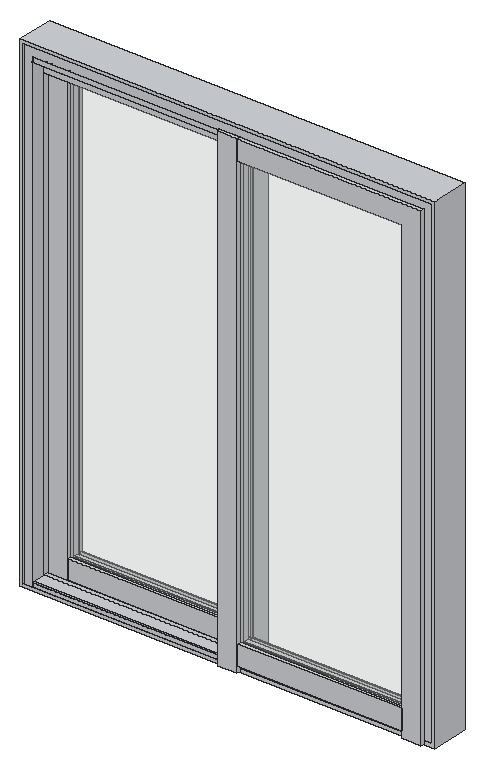
Revit family "Heve skyvedør Alu", category Doors, host Wall, Revit 2017
Family settings
  Host = Wall
  OmniClass Number = 23.30.10.00
  OmniClass Title = Doors
  Always vertical = Yes
  Cut with Voids When Loaded = No
  Shared = No
  Room Calculation Point = Yes
Parameters
  Vertical mullion [instance] = or(Type 2, Type 3, Type 4, Type 5)  # no
  Type 7 [instance] = no
  Type 6 [instance] = no
  Type 5 [instance] = no
  Type 4 [instance] = no
  Type 3 [instance] = no
  Type 2 [instance] = no
  Type 1 [instance] = yes
  Top mullion placement [instance] = 550 mm
  Top horizontal mullion [instance] = or(Type 4, Type 5, Type 7)  # no
  Middle mullion placement [instance] = 1050 mm
  Middle horizontal mullion [instance] = or(Type 3, Type 5, Type 6)  # no
  Center = Rough Width / 2  # 906 mm
  Note [instance] = "Please note that the min./max. dimensions are indicative. The weight and constructional characteristics of the glass may in some cases mean that the element is not available in the requested size. Please contact us, if you require element sizes that are marginal as to the min./max. dimensions."
  Door areal [instance] = Width * Height  # 3.78698 m²
  Wall closure = 150 mm
  URL = ""
  Rough Width = Width + (2 * Joint)  # 1812 mm
  Rough Height = Height + (2 * Joint)  # 2142 mm
  Placement in wall = 50 mm
  Model = "GSD 1 leaf Alu 54 mm Pane"
  Manufacturer = "Dovista"
  Keynote = ""
  Joint = 12 mm  # constant formula
  Glass = Glass
  Function = Interior
  Height = if(Desire Height < 1803 mm, 1803 mm, if(Desire Height > 2388 mm, 2388 mm, Desire Height))  # 2118 mm
  Wall Closure = By host
  Width = if(Desire Width < 1488 mm, 1488 mm, if(Desire Width > 4988 mm, 4988 mm, Desire Width))  # 1788 mm
  Frame Material = none
  Desire Width = 1788 mm
  Desire Height = 2118 mm
  Rail = no
  Bottom mullion placement [instance] = 1550 mm
  Bottom horizontal mullion [instance] = or(Type 4, Type 5, Type 7)  # no
Reference planes
  plane 1: y = 0
  plane 2 "Center (Left/Right)": x = 0
  plane 3 "Left": x = -906
  plane 4 "Right": x = 906
  plane 5: z = 2142
  plane 6 "Exterior": y = 75
  plane 7 "Interior": y = -75
  plane 8 "Left Joint": x = -894
  plane 9 "Right Joint": x = 894
  plane 10 "Buttom Joint": z = 12
  plane 11 "Top Joint": z = 2130
  plane 12 "Insert in wall": y = -20.279
  plane 13: y = -75
  plane 14: x = 0
  plane 15: y = 25
  plane 16: x = -416.221
  plane 17: x = 412.4
  plane 18: x = -771
  plane 19: x = -61.443
  plane 20: x = 53.8
  plane 21: x = 771
  plane 22: z = 1592
  plane 23: z = 1092
  plane 24: z = 592
Forms (mm)
  Sweep 1, solid
    path origin (-763.203, -20.279, 1200) x (-1, 0, 0) y (0, 0, 1)
      loop
        line (-1657.203, 930) -> (-1657.203, -1188) -> (130.797, -1188) -> (130.797, 930) -> (-1657.203, 930)
    profile origin (0, -20.279, 2130) x (0, 0, 1) y (0, 1, 0)
      loop
        line (0, 33.279) -> (0, -132.024) -> (12, -132.024) -> (12, 33.279) -> (0, 33.279)
  Sweep 2, solid, material <- "Frame Material"
    path origin (-763.203, -20.279, 1200) x (-1, 0, 0) y (0, 0, 1)
      loop
        line (-763.203, 930) -> (130.797, 930) -> (130.797, -1200)
    profile origin (-447, -20.279, 2130) x (0, 0, 1) y (0, 1, 0)
      loop
        line (-38, -41.024) -> (-38, 36.976) -> (-100, 36.976) -> (-100, -28.024) -> (-123, -28.024) -> (-123, -41.024) -> (-38, -41.024)
  Sweep 3, solid, material <- "Frame Material"
    path origin (-763.203, -20.279, 1200) x (-1, 0, 0) y (0, 0, 1)
      loop
        line (-1534.203, -1188) -> (-817.003, -1188)
    profile origin (412.4, -20.279, 12) x (0, 0, 1) y (0, 1, 0)
      loop
        line (71.992, -66.024) -> (0, -66.024) -> (0, -128.024) -> (16, -128.024) -> (16, -144.024) -> (103, -144.024) -> (103, -128.024) -> (79.605, -128.024) -> (71.992, -66.024)
  Sweep 4, solid, material <- "Frame Material"
    path origin (-36.797, -20.279, 1200) x (1, 0, 0) y (0, 0, -1)
      loop
        line (36.797, -807) -> (36.797, 1200)
    profile origin (0, -20.279, 1003.5) x (0, 1, 0) y (-1, 0, 0)
      loop
        line (-28.024, 36.2) -> (-28.024, 59.2) -> (-41.024, 59.2) -> (-41.024, -27.8) -> (36.976, -27.8) -> (36.976, 36.2) -> (-28.024, 36.2)
  Sweep 5, solid, material <- "Frame Material"
    path origin (-763.203, -20.279, 1200) x (-1, 0, 0) y (0, 0, 1)
      loop
        line (-1657.203, -1200) -> (-1657.203, 930) -> (130.815, 930) -> (130.815, -1200)
    profile origin (-0.009, -20.279, 2130) x (0, 0, 1) y (0, 1, 0)
      loop
        line (0, 36.976) -> (-38, 36.976) -> (-38, -73.474) -> (-42, -73.474) -> (-42, -128.433) -> (0, -128.433) -> (0, 36.976)
  Sweep 6, solid, material <- "Frame Material"
    path origin (-763.203, -20.279, 1200) x (-1, 0, 0) y (0, 0, 1)
      loop
        line (130.815, 930) -> (130.815, -1188)
    profile origin (-894.018, -20.279, 1071) x (0, 1, 0) y (-1, 0, 0)
      loop
        line (45.277, -38.018) -> (45.277, 0) -> (36.976, 0) -> (36.976, -38.018) -> (45.277, -38.018)
      loop
        line (45.276, -42.018) -> (36.976, -42.018) -> (36.976, -98.018) -> (28.976, -98.018) -> (28.976, -122.511) -> (42.976, -116.712) -> (42.976, -98.018) -> (45.276, -98.018) -> (45.276, -42.018)
  Sweep 7, solid, material <- "Frame Material"
    path origin (-24.318, -20.279, 1200) x (1, 0, 0) y (0, 0, -1)
      loop
        line (36.815, -867.131) -> (36.815, 1188)
    profile origin (12.497, -20.279, 1039.565) x (0, 1, 0) y (-1, 0, 0)
      loop
        line (28.976, 73.191) -> (28.976, 51.697) -> (38.979, 51.697) -> (38.979, -17.403) -> (-34.421, -17.403) -> (-34.421, -23.703) -> (45.276, -23.703) -> (45.276, 48.697) -> (42.976, 48.697) -> (42.976, 67.392) -> (28.976, 73.191)
      loop
        line (-60.024, -36.998) -> (-60.024, -18.203) -> (-74.024, -18.203) -> (-74.024, -42.797) -> (-60.024, -36.998)
  Sweep 8, solid, material <- "Frame Material"
    path origin (36.797, -20.279, 1200) x (-1, 0, 0) y (0, 0, 1)
      loop
        line (36.797, 894) -> (36.797, -1200)
    profile origin (0, -20.279, 1047) x (0, 1, 0) y (-1, 0, 0)
      loop
        line (-144.024, -53.8) -> (-131.024, -53.8) -> (-131.024, -30.8) -> (-58.121, -30.8) -> (-57.619, -27.95) -> (-41.024, -27.95) -> (-41.024, 39.3) -> (-128.024, 39.3) -> (-128.024, 33.2) -> (-144.024, 33.2) -> (-144.024, -53.8)
  Sweep 9, solid, material <- "Frame Material"
    path origin (763.203, -20.279, 1200) x (1, 0, 0) y (0, 0, -1)
      loop
        line (-709.403, -930) -> (130.797, -930) -> (130.797, 1200)
    profile origin (473.9, -20.279, 2130) x (0, 0, -1) y (0, 1, 0)
      loop
        line (36, -66.024) -> (36, -144.024) -> (123, -144.024) -> (123, -131.024) -> (100, -131.024) -> (100, -66.024) -> (36, -66.024)
  Sweep 10, solid, material <- "Frame Material"
    path origin (763.203, -20.279, 1200) x (1, 0, 0) y (0, 0, -1)
      loop
        line (-1541.969, 1188) -> (-818.097, 1188)
    profile origin (-416.83, -20.279, 12) x (0, 0, -1) y (0, 1, 0)
      loop
        line (-74.584, 42.976) -> (-92.482, 42.976) -> (-98.281, 28.976) -> (-74.584, 28.976) -> (-74.584, 42.976)
      loop
        line (-72, 38.979) -> (-16, 38.979) -> (-16, 45.277) -> (-72, 45.277) -> (-72, 38.979)
  Sweep 11, solid, material <- "Frame Material"
    path origin (763.203, -20.279, 1200) x (1, 0, 0) y (0, 0, -1)
      loop
        line (-1534.203, 1188) -> (-802.503, 1188)
    profile origin (-405.15, -20.279, 12) x (0, 0, -1) y (0, 1, 0)
      loop
        line (-103, -28.024) -> (-103, -41.024) -> (-18.2, -41.024) -> (-18.2, 26.484) -> (-15.389, 36.976) -> (-72.019, 36.976) -> (-80, -28.024) -> (-103, -28.024)
  Sweep 12, solid, material <- "Frame Material"
    path origin (-763.203, -20.279, 1200) x (-1, 0, 0) y (0, 0, 1)
      loop
        line (-1657.203, 930) -> (-1657.203, -1200)
    profile origin (894, -20.279, 1065) x (0, 1, 0) y (-1, 0, 0)
      loop
        line (45.279, 0) -> (45.279, 46.5) -> (38.975, 46.5) -> (38.975, 0) -> (45.279, 0)
      loop
        line (37.976, 46.3) -> (-57.024, 46.3) -> (-57.024, 40) -> (37.976, 40) -> (37.976, 46.3)
      loop
        line (-57.724, 100) -> (-64.024, 100) -> (-64.024, 44) -> (-57.724, 44) -> (-57.724, 100)
      loop
        line (-60.024, 118.695) -> (-74.024, 124.494) -> (-74.024, 100.795) -> (-60.024, 100.795) -> (-60.024, 118.695)
  Extrusion 13, solid, material "Glass" <- "Glass", detail levels fine
    sketch origin (-763.203, -20.279, 1200) x (-1, 0, 0) y (0, 0, 1)
      loop
        line (-1549.193, 825) -> (-1549.193, -1105.841) -> (-799.003, -1105.841) -> (-799.003, 825) -> (-1549.193, 825)
    from -78.024 to -74.024
  Extrusion 14, solid, material "Glass" <- "Glass", detail levels fine
    sketch origin (-763.203, -20.279, 1200) x (-1, 0, 0) y (0, 0, 1)
      loop
        line (-1549.193, 825) -> (-1549.193, -1105.841) -> (-799.003, -1105.841) -> (-799.003, 825) -> (-1549.193, 825)
    from -103.024 to -99.024
  Extrusion 15, solid, material "Glass" <- "Glass", detail levels fine
    sketch origin (-763.203, -20.279, 1200) x (-1, 0, 0) y (0, 0, 1)
      loop
        line (-722.003, 825) -> (-722.003, -1103.16) -> (27.797, -1103.16) -> (27.797, 825) -> (-722.003, 825)
    from -25.024 to -21.024
  Extrusion 16, solid, material "Glass" <- "Glass", detail levels fine
    sketch origin (-763.203, -20.279, 1200) x (-1, 0, 0) y (0, 0, 1)
      loop
        line (-722.003, 825) -> (-722.003, -1103.16) -> (27.797, -1103.16) -> (27.797, 825) -> (-722.003, 825)
    from -1.024 to 2.976
  Sweep 17, solid
    path origin (-763.203, -20.279, 1200) x (-1, 0, 0) y (0, 0, 1)
      loop
        line (-14.963, 784.44) -> (-680.915, 784.44) -> (-680.915, -1067.354) -> (-14.963, -1067.354) -> (-14.963, 784.44)
    profile origin (-415.264, -20.279, 1984.44) x (0, 0, -1) y (0, 1, 0)
      loop
        line (-30.526, 24.976) -> (-37.658, 24.976) -> (-37.658, 2.976) -> (-30.526, 2.976) -> (-30.526, 24.976)
      loop
        line (-30.526, -1.024) -> (-37.658, -1.024) -> (-37.658, -21.024) -> (-30.526, -21.024) -> (-30.526, -1.024)
  Sweep 18, solid
    path origin (-763.203, -20.279, 1200) x (-1, 0, 0) y (0, 0, 1)
      loop
        line (-1530.805, 804) -> (-1530.805, -1087.454) -> (-820.256, -1087.454) -> (-820.256, 804) -> (-1530.805, 804)
    profile origin (412.328, -20.279, 2004) x (0, 0, 1) y (0, 1, 0)
      loop
        line (11, -78.024) -> (11, -99.024) -> (18.388, -99.024) -> (18.388, -78.024) -> (11, -78.024)
      loop
        line (11, -103.024) -> (11, -124.024) -> (18.388, -124.024) -> (18.388, -103.024) -> (11, -103.024)
  Sweep 19, solid, material <- "Frame Material"
    path origin (-763.203, -20.279, 1200) x (-1, 0, 0) y (0, 0, 1)
      loop
        line (-1615.203, -1188) -> (88.815, -1188)
    profile origin (-0.009, -20.279, 12) x (0, 0, 1) y (0, 1, 0)
      loop
        line (6.008, 36.976) -> (0, 36.976) -> (0, -128.024) -> (23, -128.024) -> (23, -68.696) -> (20.567, -47.024) -> (13.801, -47.024) -> (9.673, -2.524) -> (25, -2.524) -> (25, 2.476) -> (9.209, 2.476) -> (6.008, 36.976)
  Sweep 20, solid, material <- "Frame Material"
    path origin (-763.203, -20.279, 1200) x (-1, 0, 0) y (0, 0, 1)
      loop
        line (-1615.203, -1200) -> (88.815, -1200)
    profile origin (-0.009, -20.279, 0) x (0, 0, 1) y (0, 1, 0)
      loop
        line (12, -128.433) -> (30.73, -128.433) -> (30.73, -81.182) -> (16.3, -81.182) -> (16.3, -108.921) -> (12, -112.529) -> (12, -128.433)
  Extrusion 21, solid, material "Glass" <- "Glass", detail levels fine
    sketch origin (-770.953, -20.279, 1200) x (-1, 0, 0) y (0, 0, 1)
      loop
        line (-1556.943, 825) -> (-1556.943, -1105.841) -> (-806.753, -1105.841) -> (-806.753, 825) -> (-1556.943, 825)
    from -128.024 to -124.024
  Extrusion 22, solid, material "Glass" <- "Glass", detail levels fine
    sketch origin (-769.622, -20.279, 1200) x (-1, 0, 0) y (0, 0, 1)
      loop
        line (-728.422, 825) -> (-728.422, -1103.16) -> (21.378, -1103.16) -> (21.378, 825) -> (-728.422, 825)
    from 24.976 to 28.976
  Sweep 23, solid, material <- "Frame Material"
    path origin (-763.203, -20.279, 1200) x (-1, 0, 0) y (0, 0, 1)
      loop
        line (-1619.203, 830) -> (92.815, 830)
    profile origin (-0.009, -20.279, 2030) x (0, 0, 1) y (0, 1, 0)
      loop
        line (58.667, 54.476) -> (37.131, 56.36) -> (37.131, -2.62) -> (62, 8.977) -> (62, 27.332) -> (58.667, 54.476)
      loop
        line (100, 45.276) -> (62, 45.276) -> (62, 38.975) -> (100, 38.975) -> (100, 45.276)
      loop
        line (0, -58.121) -> (0, -66.024) -> (37.131, -66.024) -> (37.131, -128.024) -> (62, -128.024) -> (62, -41.024) -> (37.131, -41.024) -> (37.131, -58.121) -> (0, -58.121)
      loop
        line (-0.795, -60.024) -> (-18.695, -60.024) -> (-24.494, -74.024) -> (-0.795, -74.024) -> (-0.795, -60.024)
  Sweep 24, solid, material <- "Frame Material"
    path origin (-763.203, -20.279, 1200) x (-1, 0, 0) y (0, 0, 1)
      loop
        line (-1538.508, -1095.52) -> (-812.697, -1095.52)
    profile origin (412.4, -20.279, 104.48) x (0, 0, 1) y (0, 1, 0)
      loop
        line (5.799, -74.024) -> (0, -60.024) -> (-17.9, -60.024) -> (-17.9, -74.024) -> (5.799, -74.024)
      loop
        line (-20.476, -64.024) -> (-20.476, -57.722) -> (-66.476, -57.722) -> (-66.476, -64.024) -> (-20.476, -64.024)
  Sweep 25, solid, material <- "Frame Material", visible <- "Vertical mullion"
    path origin (-763.203, -20.279, 1200) x (-1, 0, 0) y (0, 0, 1)
      loop
        line (-346.982, 830) -> (-346.982, -1095.518)
    profile origin (-416.221, -20.279, 1067.241) x (0, 1, 0) y (-1, 0, 0)
      loop
        line (42.976, 30.632) -> (28.976, 36.431) -> (28.976, -38.501) -> (42.976, -32.702) -> (42.976, -12) -> (45.277, -12) -> (45.277, 12) -> (42.976, 12) -> (42.976, 30.632)
  Sweep 26, solid, material <- "Frame Material", visible <- "Vertical mullion"
    path origin (-763.203, -20.279, 1200) x (-1, 0, 0) y (0, 0, 1)
      loop
        line (-346.982, 829.205) -> (-346.982, -1085)
    profile origin (-416.221, -20.279, 1072.103) x (0, 1, 0) y (-1, 0, 0)
      loop
        line (36.976, 12) -> (-28.024, 12) -> (-28.024, 35) -> (-41.024, 35) -> (-41.024, -43) -> (-28.024, -43) -> (-28.024, -20) -> (36.976, -12.019) -> (36.976, 12)
  Sweep 27, solid, material <- "Frame Material", visible <- "Vertical mullion"
    path origin (763.203, -20.279, 1200) x (1, 0, 0) y (0, 0, -1)
      loop
        line (-346.982, -830) -> (-346.982, 1095.518)
    profile origin (416.221, -20.279, 1067.241) x (0, 1, 0) y (-1, 0, 0)
      loop
        line (-62.324, -26.811) -> (-62.324, -8.179) -> (-60.024, -8.179) -> (-60.024, 15.821) -> (-62.324, 15.821) -> (-62.324, 36.523) -> (-76.324, 42.322) -> (-76.324, -32.61) -> (-62.324, -26.811)
  Sweep 28, solid, material <- "Frame Material", visible <- "Top horizontal mullion"
    path origin (-763.203, -20.279, 1200) x (-1, 0, 0) y (0, 0, 1)
      loop
        line (-1534.203, 392) -> (-799.403, 392)
    profile origin (403.6, -20.279, 1592) x (0, 0, 1) y (0, 1, 0)
      loop
        line (38.501, -75.024) -> (32.702, -61.024) -> (12, -61.024) -> (12, -58.724) -> (-12, -58.724) -> (-12, -61.024) -> (-30.632, -61.024) -> (-36.431, -75.024) -> (38.501, -75.024)
  Sweep 29, solid, material <- "Frame Material", visible <- "Top horizontal mullion"
    path origin (-763.203, -20.279, 1200) x (-1, 0, 0) y (0, 0, 1)
      loop
        line (-817.003, 392) -> (-1534.203, 392)
    profile origin (412.4, -20.279, 1592) x (0, 0, -1) y (0, 1, 0)
      loop
        line (-20, -132.024) -> (-43, -132.024) -> (-43, -145.024) -> (35, -145.024) -> (35, -132.024) -> (12, -132.024) -> (12, -67.024) -> (-12.019, -67.024) -> (-20, -132.024)
  Sweep 30, solid, material <- "Frame Material", visible <- "Middle horizontal mullion"
    path origin (-763.203, -20.279, 1200) x (-1, 0, 0) y (0, 0, 1)
      loop
        line (-1534.203, -108) -> (-817.003, -108)
    profile origin (412.4, -20.279, 1092) x (0, 0, 1) y (0, 1, 0)
      loop
        line (19.99, -132.024) -> (12.01, -67.024) -> (-12.01, -67.024) -> (-12.01, -132.024) -> (-35.01, -132.024) -> (-35.01, -145.024) -> (42.99, -145.024) -> (42.99, -132.024) -> (19.99, -132.024)
  Sweep 31, solid, material <- "Frame Material", visible <- "Middle horizontal mullion"
    path origin (-763.203, -20.279, 1200) x (-1, 0, 0) y (0, 0, 1)
      loop
        line (-1534.203, -108) -> (-809.256, -108)
    profile origin (408.527, -20.279, 1092) x (0, 0, 1) y (0, 1, 0)
      loop
        line (38.501, -75.024) -> (32.702, -61.024) -> (12, -61.024) -> (12, -58.724) -> (-12, -58.724) -> (-12, -61.024) -> (-30.632, -61.024) -> (-36.431, -75.024) -> (38.501, -75.024)
  Sweep 32, solid, material <- "Frame Material", visible <- "Bottom horizontal mullion"
    path origin (-763.203, -20.279, 1200) x (-1, 0, 0) y (0, 0, 1)
      loop
        line (-1532.709, -608) -> (-817.003, -608)
    profile origin (411.653, -20.279, 592) x (0, 0, 1) y (0, 1, 0)
      loop
        line (38.501, -75.024) -> (32.702, -61.024) -> (12, -61.024) -> (12, -58.724) -> (-12, -58.724) -> (-12, -61.024) -> (-30.632, -61.024) -> (-36.431, -75.024) -> (38.501, -75.024)
  Sweep 33, solid, material <- "Frame Material", visible <- "Bottom horizontal mullion"
    path origin (-763.203, -20.279, 1200) x (-1, 0, 0) y (0, 0, 1)
      loop
        line (-817.003, -608) -> (-1534.203, -608)
    profile origin (412.4, -20.279, 592) x (0, 0, -1) y (0, 1, 0)
      loop
        line (-19.99, -132.024) -> (-42.99, -132.024) -> (-42.99, -145.024) -> (35.01, -145.024) -> (35.01, -132.024) -> (12.01, -132.024) -> (12.01, -67.024) -> (-12.01, -67.024) -> (-19.99, -132.024)
  Sweep 34, solid, material <- "Frame Material", visible <- "Top horizontal mullion"
    path origin (763.203, -20.279, 1200) x (1, 0, 0) y (0, 0, -1)
      loop
        line (-1534.203, -392) -> (-799.403, -392)
    profile origin (-403.6, -20.279, 1592) x (0, 0, -1) y (0, 1, 0)
      loop
        line (-38.501, 26.976) -> (36.431, 26.976) -> (30.632, 40.976) -> (12, 40.976) -> (12, 43.276) -> (-12, 43.276) -> (-12, 40.976) -> (-32.702, 40.976) -> (-38.501, 26.976)
  Sweep 35, solid, material <- "Frame Material", visible <- "Top horizontal mullion"
    path origin (763.203, -20.279, 1200) x (1, 0, 0) y (0, 0, -1)
      loop
        line (-817.003, -392) -> (-1534.203, -392)
    profile origin (-412.4, -20.279, 1592) x (0, 0, 1) y (0, 1, 0)
      loop
        line (20, -30.024) -> (12.019, 34.976) -> (-12, 34.976) -> (-12, -30.024) -> (-35, -30.024) -> (-35, -43.024) -> (43, -43.024) -> (43, -30.024) -> (20, -30.024)
  Sweep 36, solid, material <- "Frame Material", visible <- "Middle horizontal mullion"
    path origin (763.203, -20.279, 1200) x (1, 0, 0) y (0, 0, -1)
      loop
        line (-1534.203, 108) -> (-817.003, 108)
    profile origin (-412.4, -20.279, 1092) x (0, 0, -1) y (0, 1, 0)
      loop
        line (-19.99, -30.024) -> (-42.99, -30.024) -> (-42.99, -43.024) -> (35.01, -43.024) -> (35.01, -30.024) -> (12.01, -30.024) -> (12.01, 34.976) -> (-12.01, 34.976) -> (-19.99, -30.024)
  Sweep 37, solid, material <- "Frame Material", visible <- "Middle horizontal mullion"
    path origin (763.203, -20.279, 1200) x (1, 0, 0) y (0, 0, -1)
      loop
        line (-1534.203, 108) -> (-809.256, 108)
    profile origin (-408.527, -20.279, 1092) x (0, 0, -1) y (0, 1, 0)
      loop
        line (-38.501, 26.976) -> (36.431, 26.976) -> (30.632, 40.976) -> (12, 40.976) -> (12, 43.276) -> (-12, 43.276) -> (-12, 40.976) -> (-32.702, 40.976) -> (-38.501, 26.976)
  Sweep 38, solid, material <- "Frame Material", visible <- "Bottom horizontal mullion"
    path origin (763.203, -270.279, 1200) x (1, 0, 0) y (0, 0, -1)
      loop
        line (-1532.709, 608) -> (-817.003, 608)
    profile origin (-411.653, -270.279, 592) x (0, 0, -1) y (0, 1, 0)
      loop
        line (-38.501, 276.976) -> (36.431, 276.976) -> (30.632, 290.976) -> (12, 290.976) -> (12, 293.276) -> (-12, 293.276) -> (-12, 290.976) -> (-32.702, 290.976) -> (-38.501, 276.976)
  Sweep 39, solid, material <- "Frame Material", visible <- "Bottom horizontal mullion"
    path origin (763.203, -20.279, 1200) x (1, 0, 0) y (0, 0, -1)
      loop
        line (-817.003, 608) -> (-1534.203, 608)
    profile origin (-412.4, -20.279, 592) x (0, 0, 1) y (0, 1, 0)
      loop
        line (19.99, -30.024) -> (12.01, 34.976) -> (-12.01, 34.976) -> (-12.01, -30.024) -> (-35.01, -30.024) -> (-35.01, -43.024) -> (42.99, -43.024) -> (42.99, -30.024) -> (19.99, -30.024)
  Sweep 40, solid, material <- "Frame Material", visible <- "Vertical mullion"
    path origin (763.203, -20.279, 1200) x (1, 0, 0) y (0, 0, -1)
      loop
        line (-346.982, -807) -> (-346.982, 1085)
    profile origin (416.221, -20.279, 1061) x (0, 1, 0) y (-1, 0, 0)
      loop
        line (-68.185, -8.187) -> (-68.185, 15.821) -> (-133.185, 15.821) -> (-133.185, 38.821) -> (-146.185, 38.821) -> (-146.185, -39.179) -> (-133.185, -39.179) -> (-133.185, -16.168) -> (-68.185, -8.187)
Lines and regions (mm)
  Opening 1
    outline origin (-3050, -75, 0) x (1, 0, 0) y (0, 0, 1)
      loop
        line (2144, 0) -> (3956, 0) -> (3956, 2142) -> (2144, 2142) -> (2144, 0)
  Masking region 1
    outline origin (0, 0, 0) x (0, 1, 0) y (0, 0, 1)
      loop
        line (25, 2130) -> (-164.303, 2130) -> (-164.303, 12) -> (25, 12) -> (25, 2130)
  Masking region 2
    outline origin (0, 0, 0) x (1, 0, 0) y (0, 1, 0)
      loop
        line (-894, 24.997) -> (-894, -164.303) -> (894, -164.303) -> (894, 24.997) -> (-894, 24.997)
  symbolic lines
    curve 1: line (0, 13, 12) -> (0, 13, 0)
    curve 2: line (0, -152.303, 12) -> (0, -152.303, 0)
    curve 3: line (-894, 13, 0) -> (-906, 13, 0)
    curve 4: line (-894, -152.303, 0) -> (-906, -152.303, 0)
    curve 5: line (894, 13, 0) -> (906, 13, 0)
    curve 6: line (894, -152.303, 0) -> (906, -152.303, 0)
  symbolic lines, style "Doors"
    curve 7: line (0, 25, 2025) -> (0, -164.303, 2025)
    curve 8: line (0, 25, 2130) -> (0, -164.303, 2130)
    curve 9: line (0, -164.303, 2130) -> (0, -164.303, 2025)
    curve 10: line (0, 25, 2025) -> (0, 25, 2130)
    curve 11: line (0, -19.43, 2025) -> (0, -19.43, 115)
    curve 15: line (0, -69.652, 2025) -> (0, -69.652, 2130)
    curve 16: line (0, -121.212, 2025) -> (0, -121.212, 115)
    curve 17: line (0, 25, 115) -> (0, -164.303, 115)
    curve 18: line (0, 25, 12) -> (0, -164.303, 12)
    curve 19: line (0, -164.303, 12) -> (0, -164.303, 115)
    curve 20: line (0, 25, 115) -> (0, 25, 12)
    curve 21: line (0, -69.652, 115) -> (0, -69.652, 12)
    curve 22: line (53.8, 25, 0) -> (53.8, -164.303, 0)
    curve 23: line (-61.443, -164.303, 0) -> (-61.443, 25, 0)
    curve 24: line (771, -164.303, 0) -> (771, -69.652, 0)
    curve 25: line (771, -69.652, 0) -> (894, -69.652, 0)
    curve 26: line (-771, 25, 0) -> (-771, -69.652, 0)
    curve 27: line (-771, -69.652, 0) -> (-894, -69.652, 0)
    curve 28: line (-771, -22.326, 0) -> (-61.443, -22.326, 0)
    curve 29: line (771, -116.977, 0) -> (53.8, -116.977, 0)
    curve 30: line (53.8, -69.652, 0) -> (-61.443, -69.652, 0)
    curve 31: line (0, -69.652, 2025) -> (0, -69.652, 115)
    curve 32: line (0, 13, 2130) -> (0, 13, 2142)
    curve 33: line (0, -152.303, 2130) -> (0, -152.303, 2142)
  symbolic lines, style "DoorsOpeningProjection"
    curve 12: line (80, -20.279, 1192) -> (694, -20.279, 1192)
    curve 13: line (694, -20.279, 1192) -> (659.359, -20.279, 1212)
    curve 14: line (694, -20.279, 1192) -> (659.359, -20.279, 1172)
Text (mm)
  text "Exterior" at (-2295.016, 1099.543, 0), in view "Ref. Level"
  text "Exterior" at (0, 1615.38, 3698.081), in view "Left"
  text "Exterior" at (0, 1036.032, 3874.932), in view "Right"
Dimensions and locks
  equal spacing: plane 3 "Left", plane 2 "Center (Left/Right)", plane 4 "Right"
  "Rough Width": plane 3 "Left" to plane 4 "Right"
  "Rough Height": host wall to plane 5
  host wall to plane 5 = 2142 mm
  locked: plane 6 "Exterior" to host wall at 0
  locked: plane 7 "Interior" to host wall
  "Joint": plane 11 "Top Joint" to plane 5
  "Joint": level to plane 10 "Buttom Joint"
  "Joint": plane 3 "Left" to plane 8 "Left Joint"
  "Joint": plane 9 "Right Joint" to plane 4 "Right"
  "Placement in wall": host wall to plane 15
  "Wall closure": host wall to plane 13
  "Center": plane 14 to plane 4 "Right"
  Extrusion 13 to plane 9 "Right Joint" = 108.01 mm
  plane 14 to Extrusion 13 = 35.8 mm
  locked: plane 11 "Top Joint" to Extrusion 13 at 105
  plane 10 "Buttom Joint" to Extrusion 13 = 82.159 mm
  Extrusion 14 to plane 9 "Right Joint" = 108.01 mm
  plane 10 "Buttom Joint" to Extrusion 14 = 82.159 mm
  locked: plane 11 "Top Joint" to Extrusion 14 at 105
  Extrusion 15 to plane 14 = 41.2 mm
  plane 8 "Left Joint" to Extrusion 15 = 103 mm
  plane 10 "Buttom Joint" to Extrusion 15 = 84.84 mm
  Extrusion 16 to plane 14 = 41.2 mm
  plane 8 "Left Joint" to Extrusion 16 = 103 mm
  plane 10 "Buttom Joint" to Extrusion 16 = 84.84 mm
  plane 14 to Extrusion 14 = 35.8 mm
  locked: plane 12 "Insert in wall" to plane 15 at 45.279
  locked: Sweep 10 sketch curve to profile plane at 38.979
  equal spacing: plane 18, plane 16, plane 19
  locked: plane 8 "Left Joint" to plane 18 at 123
  locked: plane 19 to plane 14 at 61.443
  locked: plane 14 to plane 20 at 53.8
  locked: plane 21 to plane 9 "Right Joint" at 123
  equal spacing: plane 20, plane 17, plane 21
  "Top mullion placement": plane 22 to plane 5
  "Middle mullion placement": plane 23 to plane 5
  "Bottom mullion placement": plane 24 to plane 5
  aligned and locked: plane 3 "Left" to Opening 1 sketch curve
  aligned and locked: plane 5 to Opening 1 sketch curve  (x2)
  aligned and locked: Opening 1 sketch curve to plane 4 "Right"
  aligned and locked: Opening 1 sketch curve to level
  aligned and locked: plane 1 to host wall
  aligned and locked: Sweep 1 sketch curve to plane 11 "Top Joint"
  aligned and locked: plane 9 "Right Joint" to Sweep 1 sketch curve
  aligned and locked: Sweep 1 sketch curve to plane 10 "Buttom Joint"
  aligned and locked: Sweep 1 sketch curve to plane 8 "Left Joint"
  aligned and locked: profile plane to Sweep 1 sketch curve
  aligned and locked: Sweep 1 sketch curve to plane 5
  aligned and locked: Sweep 1 to Sweep 2 sketch curve
  aligned and locked: Sweep 2 sketch curve to Sweep 1
  aligned and locked: Sweep 3 sketch curve to Sweep 1
  aligned and locked: Sweep 5 sketch curve to Sweep 1  (x2)
  aligned and locked: Sweep 6 sketch curve to Sweep 5
  aligned and locked: Sweep 5 to Sweep 12 sketch curve
  aligned and locked: Sweep 19 sketch curve to plane 10 "Buttom Joint"
  aligned and locked: Sweep 12 to Sweep 20 sketch curve
  aligned and locked: Sweep 5 to Sweep 20 sketch curve
  aligned and locked: Sweep 5 to Sweep 19 sketch curve  (x2)
  aligned and locked: Sweep 20 sketch curve to Sweep 5
  aligned and locked: Masking region 1 sketch curve to curve 8
  aligned and locked: Masking region 1 sketch curve to curve 1
  aligned and locked: Sweep 12 sketch curve to Sweep 5
  aligned and locked: Masking region 2 sketch curve to plane 8 "Left Joint"
  aligned and locked: plane 9 "Right Joint" to Masking region 2 sketch curve
  aligned and locked: Sweep 23 sketch curve to Sweep 9
  aligned and locked: Sweep 5 to Sweep 23 sketch curve  (x2)
  aligned and locked: Masking region 2 to Sweep 7
  aligned and locked: Sweep 23 to Sweep 7 sketch curve
  aligned and locked: plane 14 to Sweep 2 sketch curve
  aligned and locked: Sweep 4 sketch curve to Sweep 9
  aligned and locked: Sweep 8 to Sweep 9 sketch curve
  aligned and locked: Sweep 2 to Sweep 11 sketch curve
  aligned and locked: Sweep 8 to Sweep 11 sketch curve
  aligned and locked: Sweep 8 to Sweep 3 sketch curve
  aligned and locked: Sweep 9 to Sweep 3 sketch curve
  aligned and locked: Sweep 7 to Sweep 10 sketch curve
  aligned and locked: Sweep 17 to Sweep 10 sketch curve
  aligned and locked: Masking region 1 to Sweep 8
  aligned and locked: curve 9 to Sweep 8
  aligned and locked: Masking region 1 to curve 10
  aligned and locked: curve 19 to Masking region 1
  aligned and locked: curve 20 to Masking region 1
  aligned and locked: Masking region 2 to Sweep 6
  aligned and locked: Sweep 7 to Sweep 24 sketch curve
  aligned and locked: plane 16 to Sweep 25 sketch curve
  aligned and locked: Sweep 2 to Sweep 25 sketch curve
  aligned and locked: Sweep 10 to Sweep 25 sketch curve
  aligned and locked: plane 16 to Sweep 26 sketch curve
  aligned and locked: Sweep 23 to Sweep 26 sketch curve
  aligned and locked: Sweep 11 to Sweep 26 sketch curve
  aligned and locked: Sweep 28 sketch curve to plane 22
  aligned and locked: plane 21 to Sweep 28 sketch curve
  aligned and locked: Sweep 7 to Sweep 28 sketch curve
  aligned and locked: plane 22 to Sweep 29 sketch curve
  aligned and locked: Sweep 9 to Sweep 29 sketch curve
  aligned and locked: Sweep 8 to Sweep 29 sketch curve
  aligned and locked: Sweep 30 sketch curve to plane 23
  aligned and locked: Sweep 8 to Sweep 30 sketch curve
  aligned and locked: Sweep 9 to Sweep 30 sketch curve
  aligned and locked: Sweep 31 sketch curve to plane 23
  aligned and locked: Sweep 18 to Sweep 31 sketch curve
  aligned and locked: Sweep 9 to Sweep 31 sketch curve
  aligned and locked: Sweep 12 to Sweep 32 sketch curve
  aligned and locked: Sweep 32 sketch curve to plane 24
  aligned and locked: plane 20 to Sweep 33 sketch curve
  aligned and locked: plane 24 to Sweep 33 sketch curve
  aligned and locked: Sweep 9 to Sweep 40 sketch curve
Automatic sketch dimensions
  curve 19 to plane 10 "Buttom Joint" = 0 mm
  curve 33 to plane 11 "Top Joint" = 0 mm
  plane 5 to curve 33 = 0 mm
  curve 2 to level = 0 mm
  curve 1 to level = 0 mm
  plane 5 to curve 32 = 0 mm
  curve 7 to plane 15 = 0 mm
  curve 18 to plane 15 = 0 mm
  curve 18 to plane 12 "Insert in wall" = 144.024 mm
  curve 18 to curve 20 = 103 mm
  curve 7 to curve 8 = 105 mm
  curve 18 to curve 2 = 12 mm
  curve 8 to curve 33 = 12 mm
  curve 17 to curve 16 = 43.091 mm
  curve 15 to plane 12 "Insert in wall" = 49.372 mm
  curve 21 to plane 12 "Insert in wall" = 49.372 mm
  curve 31 to curve 15 = 0 mm
  plane 12 "Insert in wall" to curve 11 = 0.849 mm
  plane 15 to curve 1 = 12 mm
  plane 15 to curve 32 = 12 mm
  Sweep 1 sketch curve to plane 12 "Insert in wall" = 132.024 mm
  plane 12 "Insert in wall" to Sweep 1 sketch curve = 33.279 mm
  Sweep 2 sketch curve to level = 0 mm
  Sweep 2 sketch curve to plane 12 "Insert in wall" = 28.024 mm
  profile plane to Sweep 2 sketch curve = 123 mm
  Sweep 2 sketch curve to Sweep 2 sketch curve = 23 mm
  profile plane to Sweep 2 sketch curve = 38 mm
  Sweep 2 sketch curve to Sweep 2 sketch curve = 13 mm
  plane 12 "Insert in wall" to Sweep 2 sketch curve = 36.976 mm
  profile plane to Sweep 3 sketch curve = 0 mm
  Sweep 3 sketch curve to Sweep 3 sketch curve = 16 mm  (x3)
  Sweep 3 sketch curve to Sweep 3 sketch curve = 71.992 mm
  Sweep 3 sketch curve to Sweep 3 sketch curve = 7.613 mm
  Sweep 3 sketch curve to Sweep 3 sketch curve = 23.395 mm
  Sweep 3 sketch curve to plane 12 "Insert in wall" = 144.024 mm
  Sweep 3 sketch curve to Sweep 3 sketch curve = 62 mm
  curve 12 to plane 21 = 77 mm
  plane 23 to curve 13 = 100 mm
  curve 12 to curve 13 = 34.641 mm
  curve 12 to curve 14 = 34.641 mm
  plane 20 to curve 12 = 26.2 mm
  curve 14 to curve 12 = 20 mm
  curve 12 to curve 13 = 20 mm
  curve 3 to plane 3 "Left" = 0 mm
  curve 4 to plane 3 "Left" = 0 mm
  curve 4 to plane 8 "Left Joint" = 0 mm
  curve 27 to plane 8 "Left Joint" = 0 mm
  curve 3 to plane 8 "Left Joint" = 0 mm
  curve 28 to plane 18 = 0 mm
  curve 28 to plane 19 = 0 mm
  plane 15 to curve 22 = 0 mm
  curve 22 to plane 20 = 0 mm
  curve 25 to plane 21 = 0 mm
  curve 6 to plane 9 "Right Joint" = 0 mm
  curve 25 to plane 9 "Right Joint" = 0 mm
  curve 5 to plane 9 "Right Joint" = 0 mm
  curve 6 to plane 4 "Right" = 0 mm
  curve 5 to plane 4 "Right" = 0 mm
  plane 15 to curve 23 = 0 mm
  plane 15 to curve 26 = 0 mm
  curve 26 to plane 12 "Insert in wall" = 49.372 mm
  curve 25 to plane 12 "Insert in wall" = 49.372 mm
  plane 15 to curve 5 = 12 mm
  plane 15 to curve 3 = 12 mm
  curve 28 to plane 12 "Insert in wall" = 2.047 mm
  curve 30 to curve 28 = 47.326 mm
  curve 29 to curve 24 = 47.326 mm
  curve 6 to curve 25 = 82.652 mm
  curve 4 to curve 27 = 82.652 mm
  curve 24 to curve 29 = 47.326 mm
  curve 22 to curve 29 = 47.326 mm
  curve 23 to curve 30 = 94.652 mm
  Sweep 4 sketch curve to level = 0 mm
  Sweep 4 sketch curve to plane 2 "Center (Left/Right)" = 0 mm
  Sweep 4 sketch curve to plane 12 "Insert in wall" = 41.024 mm
  Sweep 4 sketch curve to Sweep 4 sketch curve = 13 mm
  plane 12 "Insert in wall" to Sweep 4 sketch curve = 36.976 mm
  profile plane to Sweep 4 sketch curve = 27.8 mm
  Sweep 4 sketch curve to profile plane = 36.2 mm
  Sweep 4 sketch curve to Sweep 4 sketch curve = 23 mm
  Sweep 5 sketch curve to level = 0 mm  (x2)
  plane 8 "Left Joint" to Sweep 5 sketch curve = 0.018 mm
  profile plane to Sweep 5 sketch curve = 0 mm
  profile plane to Sweep 5 sketch curve = 38 mm
  Sweep 5 sketch curve to Sweep 5 sketch curve = 4 mm
  Sweep 5 sketch curve to plane 12 "Insert in wall" = 128.433 mm
  Sweep 5 sketch curve to Sweep 5 sketch curve = 54.959 mm
  plane 12 "Insert in wall" to Sweep 5 sketch curve = 36.976 mm
  Sweep 6 sketch curve to plane 10 "Buttom Joint" = 0 mm
  Sweep 6 sketch curve to plane 11 "Top Joint" = 0 mm
  Sweep 6 sketch curve to profile plane = 0 mm
  plane 12 "Insert in wall" to Sweep 6 sketch curve = 28.976 mm
  plane 12 "Insert in wall" to Sweep 6 sketch curve = 36.976 mm
  Sweep 6 sketch curve to Sweep 6 sketch curve = 0 mm  (x2)
  Sweep 6 sketch curve to Sweep 6 sketch curve = 6 mm
  Sweep 6 sketch curve to Sweep 6 sketch curve = 2.3 mm
  Sweep 6 sketch curve to Sweep 6 sketch curve = 8.301 mm
  Sweep 6 sketch curve to Sweep 6 sketch curve = 38.018 mm
  Sweep 6 sketch curve to Sweep 6 sketch curve = 4 mm
  Sweep 6 sketch curve to Sweep 6 sketch curve = 56 mm
  Sweep 6 sketch curve to Sweep 6 sketch curve = 18.695 mm
  Sweep 6 sketch curve to Sweep 6 sketch curve = 5.799 mm
  Sweep 7 sketch curve to plane 10 "Buttom Joint" = 0 mm
  plane 2 "Center (Left/Right)" to Sweep 7 sketch curve = 12.497 mm
  Sweep 7 sketch curve to plane 12 "Insert in wall" = 74.024 mm
  Sweep 7 sketch curve to Sweep 7 sketch curve = 14 mm
  Sweep 7 sketch curve to Sweep 7 sketch curve = 25.603 mm
  plane 12 "Insert in wall" to Sweep 7 sketch curve = 28.976 mm
  Sweep 7 sketch curve to Sweep 7 sketch curve = 10.003 mm
  Sweep 7 sketch curve to Sweep 7 sketch curve = 3.997 mm
  Sweep 7 sketch curve to Sweep 7 sketch curve = 6.297 mm
  profile plane to Sweep 7 sketch curve = 42.797 mm
  Sweep 7 sketch curve to Sweep 7 sketch curve = 5.799 mm  (x2)
  profile plane to Sweep 7 sketch curve = 23.703 mm
  profile plane to Sweep 7 sketch curve = 18.203 mm
  Sweep 7 sketch curve to Sweep 7 sketch curve = 6.3 mm
  Sweep 7 sketch curve to profile plane = 48.697 mm
  Sweep 7 sketch curve to Sweep 7 sketch curve = 3 mm
  Sweep 7 sketch curve to Sweep 7 sketch curve = 15.695 mm
  Sweep 8 sketch curve to level = 0 mm
  Sweep 8 sketch curve to plane 2 "Center (Left/Right)" = 0 mm
  Sweep 8 sketch curve to plane 11 "Top Joint" = 36 mm
  profile plane to Sweep 8 sketch curve = 53.8 mm
  Sweep 8 sketch curve to plane 12 "Insert in wall" = 144.024 mm
  Sweep 8 sketch curve to Sweep 8 sketch curve = 13 mm
  Sweep 8 sketch curve to Sweep 8 sketch curve = 16 mm
  Sweep 8 sketch curve to plane 12 "Insert in wall" = 58.121 mm
  profile plane to Sweep 8 sketch curve = 27.95 mm
  Sweep 8 sketch curve to Sweep 8 sketch curve = 0.503 mm
  Sweep 8 sketch curve to Sweep 8 sketch curve = 16.595 mm
  Sweep 8 sketch curve to Sweep 8 sketch curve = 2.85 mm
  Sweep 8 sketch curve to profile plane = 33.2 mm
  Sweep 8 sketch curve to profile plane = 39.3 mm
  plane 9 "Right Joint" to Sweep 9 sketch curve = 0 mm
  Sweep 9 sketch curve to plane 11 "Top Joint" = 0 mm
  Sweep 9 sketch curve to level = 0 mm
  Sweep 9 sketch curve to profile plane = 36 mm
  Sweep 9 sketch curve to Sweep 9 sketch curve = 64 mm
  Sweep 9 sketch curve to Sweep 9 sketch curve = 23 mm
  Sweep 9 sketch curve to plane 12 "Insert in wall" = 144.024 mm
  Sweep 9 sketch curve to Sweep 9 sketch curve = 13 mm
  Sweep 9 sketch curve to plane 12 "Insert in wall" = 66.024 mm
  Sweep 10 sketch curve to plane 10 "Buttom Joint" = 0 mm
  plane 12 "Insert in wall" to Sweep 10 sketch curve = 28.976 mm
  profile plane to Sweep 10 sketch curve = 98.281 mm
  plane 12 "Insert in wall" to Sweep 10 sketch curve = 42.976 mm
  Sweep 10 sketch curve to Sweep 10 sketch curve = 5.799 mm
  Sweep 10 sketch curve to Sweep 10 sketch curve = 17.898 mm
  Sweep 10 sketch curve to Sweep 10 sketch curve = 2.584 mm
  profile plane to Sweep 10 sketch curve = 16 mm
  Sweep 10 sketch curve to Sweep 10 sketch curve = 2.301 mm
  Sweep 11 sketch curve to plane 10 "Buttom Joint" = 0 mm
  Sweep 11 sketch curve to plane 12 "Insert in wall" = 28.024 mm
  profile plane to Sweep 11 sketch curve = 103 mm
  Sweep 11 sketch curve to Sweep 11 sketch curve = 23 mm
  Sweep 11 sketch curve to Sweep 11 sketch curve = 7.981 mm
  profile plane to Sweep 11 sketch curve = 18.2 mm
  Sweep 11 sketch curve to Sweep 11 sketch curve = 2.811 mm
  Sweep 11 sketch curve to plane 12 "Insert in wall" = 41.024 mm
  plane 12 "Insert in wall" to Sweep 11 sketch curve = 26.484 mm
  plane 12 "Insert in wall" to Sweep 11 sketch curve = 36.976 mm
  Sweep 12 sketch curve to level = 0 mm
  Sweep 12 sketch curve to profile plane = 0 mm
  Sweep 12 sketch curve to plane 12 "Insert in wall" = 74.024 mm
  Sweep 12 sketch curve to Sweep 12 sketch curve = 10 mm
  Sweep 12 sketch curve to Sweep 12 sketch curve = 14 mm
  Sweep 12 sketch curve to Sweep 12 sketch curve = 2.3 mm
  Sweep 12 sketch curve to Sweep 12 sketch curve = 0.7 mm
  plane 12 "Insert in wall" to Sweep 12 sketch curve = 37.976 mm
  plane 12 "Insert in wall" to Sweep 12 sketch curve = 38.975 mm
  Sweep 12 sketch curve to Sweep 12 sketch curve = 6.304 mm
  Sweep 12 sketch curve to profile plane = 40 mm
  Sweep 12 sketch curve to Sweep 12 sketch curve = 4 mm
  Sweep 12 sketch curve to Sweep 12 sketch curve = 6.3 mm
  Sweep 12 sketch curve to Sweep 12 sketch curve = 0.2 mm
  Sweep 12 sketch curve to Sweep 12 sketch curve = 53.7 mm
  Sweep 12 sketch curve to Sweep 12 sketch curve = 0.795 mm
  Sweep 12 sketch curve to Sweep 12 sketch curve = 17.9 mm
  Sweep 12 sketch curve to Sweep 12 sketch curve = 5.799 mm
  plane 21 to Extrusion 13 sketch curve = 14.99 mm
  Extrusion 13 sketch curve to plane 20 = 18 mm
  plane 10 "Buttom Joint" to Extrusion 13 sketch curve = 82.159 mm
  Extrusion 13 sketch curve to plane 11 "Top Joint" = 105 mm
  plane 21 to Extrusion 14 sketch curve = 14.99 mm
  Extrusion 14 sketch curve to plane 20 = 18 mm
  plane 10 "Buttom Joint" to Extrusion 14 sketch curve = 82.159 mm
  Extrusion 14 sketch curve to plane 11 "Top Joint" = 105 mm
  plane 19 to Extrusion 15 sketch curve = 20.243 mm
  Extrusion 15 sketch curve to plane 18 = 20 mm
  plane 10 "Buttom Joint" to Extrusion 15 sketch curve = 84.84 mm
  Extrusion 15 sketch curve to plane 11 "Top Joint" = 105 mm
  plane 19 to Extrusion 16 sketch curve = 20.243 mm
  Extrusion 16 sketch curve to plane 18 = 20 mm
  plane 10 "Buttom Joint" to Extrusion 16 sketch curve = 84.84 mm
  Extrusion 16 sketch curve to plane 11 "Top Joint" = 105 mm
  Sweep 17 sketch curve to plane 19 = 20.846 mm
  plane 18 to Sweep 17 sketch curve = 22.76 mm
  plane 10 "Buttom Joint" to Sweep 17 sketch curve = 120.646 mm
  Sweep 17 sketch curve to plane 11 "Top Joint" = 145.56 mm
  profile plane to Sweep 17 sketch curve = 37.658 mm
  Sweep 17 sketch curve to Sweep 17 sketch curve = 0 mm
  Sweep 17 sketch curve to Sweep 17 sketch curve = 7.132 mm  (x2)
  Sweep 17 sketch curve to plane 12 "Insert in wall" = 21.024 mm
  Sweep 17 sketch curve to plane 12 "Insert in wall" = 1.024 mm
  plane 12 "Insert in wall" to Sweep 17 sketch curve = 2.976 mm
  Sweep 17 sketch curve to Sweep 17 sketch curve = 22 mm
  Sweep 18 sketch curve to plane 21 = 3.398 mm
  plane 20 to Sweep 18 sketch curve = 3.254 mm
  plane 10 "Buttom Joint" to Sweep 18 sketch curve = 100.546 mm
  Sweep 18 sketch curve to plane 11 "Top Joint" = 126 mm
  Sweep 18 sketch curve to profile plane = 11 mm  (x2)
  Sweep 18 sketch curve to Sweep 18 sketch curve = 7.388 mm
  Sweep 18 sketch curve to Sweep 18 sketch curve = 0 mm
  Sweep 18 sketch curve to plane 12 "Insert in wall" = 124.024 mm
  Sweep 18 sketch curve to Sweep 18 sketch curve = 21 mm  (x2)
  Sweep 18 sketch curve to Sweep 18 sketch curve = 4 mm
  profile plane to Sweep 19 sketch curve = 0 mm
  Sweep 19 sketch curve to Sweep 19 sketch curve = 6.008 mm
  plane 12 "Insert in wall" to Sweep 19 sketch curve = 2.476 mm
  Sweep 19 sketch curve to profile plane = 9.209 mm
  Sweep 19 sketch curve to Sweep 19 sketch curve = 0.464 mm
  Sweep 19 sketch curve to profile plane = 13.801 mm
  Sweep 19 sketch curve to Sweep 19 sketch curve = 6.766 mm
  Sweep 19 sketch curve to Sweep 19 sketch curve = 2.433 mm
  Sweep 19 sketch curve to plane 12 "Insert in wall" = 2.524 mm
  Sweep 19 sketch curve to Sweep 19 sketch curve = 15.327 mm
  Sweep 19 sketch curve to Sweep 19 sketch curve = 44.5 mm
  Sweep 19 sketch curve to Sweep 19 sketch curve = 21.672 mm
  Sweep 19 sketch curve to Sweep 19 sketch curve = 59.328 mm
  Sweep 19 sketch curve to Sweep 19 sketch curve = 34.5 mm
  Sweep 20 sketch curve to profile plane = 12 mm
  Sweep 20 sketch curve to Sweep 20 sketch curve = 4.3 mm
  Sweep 20 sketch curve to Sweep 20 sketch curve = 14.43 mm
  Sweep 20 sketch curve to plane 12 "Insert in wall" = 128.433 mm
  Sweep 20 sketch curve to Sweep 20 sketch curve = 15.904 mm
  Sweep 20 sketch curve to Sweep 20 sketch curve = 3.608 mm
  Sweep 20 sketch curve to Sweep 20 sketch curve = 27.738 mm
  plane 21 to Extrusion 21 sketch curve = 14.99 mm
  Extrusion 21 sketch curve to plane 20 = 18 mm
  plane 10 "Buttom Joint" to Extrusion 21 sketch curve = 82.159 mm
  Extrusion 21 sketch curve to plane 11 "Top Joint" = 105 mm
  plane 19 to Extrusion 22 sketch curve = 20.243 mm
  Extrusion 22 sketch curve to plane 18 = 20 mm
  plane 10 "Buttom Joint" to Extrusion 22 sketch curve = 84.84 mm
  Extrusion 22 sketch curve to plane 11 "Top Joint" = 105 mm
  Masking region 1 sketch curve to plane 15 = 0 mm
  Masking region 1 sketch curve to plane 12 "Insert in wall" = 144.024 mm
  Masking region 2 sketch curve to plane 12 "Insert in wall" = 144.024 mm
  plane 15 to Masking region 2 sketch curve = 0.003 mm
  plane 10 "Buttom Joint" to Sweep 24 sketch curve = 92.48 mm
  plane 21 to Sweep 24 sketch curve = 4.305 mm
  profile plane to Sweep 24 sketch curve = 0 mm
  Sweep 24 sketch curve to Sweep 24 sketch curve = 17.9 mm
  Sweep 24 sketch curve to Sweep 24 sketch curve = 2.576 mm
  Sweep 24 sketch curve to Sweep 24 sketch curve = 46 mm
  Sweep 24 sketch curve to profile plane = 5.799 mm
  Sweep 24 sketch curve to plane 12 "Insert in wall" = 74.024 mm
  Sweep 24 sketch curve to Sweep 24 sketch curve = 10 mm
  Sweep 24 sketch curve to Sweep 24 sketch curve = 4 mm
  Sweep 24 sketch curve to Sweep 24 sketch curve = 6.302 mm
  plane 12 "Insert in wall" to Sweep 25 sketch curve = 28.976 mm
  Sweep 25 sketch curve to Sweep 25 sketch curve = 14 mm  (x2)
  Sweep 25 sketch curve to Sweep 25 sketch curve = 2.301 mm
  profile plane to Sweep 25 sketch curve = 38.501 mm
  Sweep 25 sketch curve to Sweep 25 sketch curve = 5.799 mm  (x2)
  profile plane to Sweep 25 sketch curve = 12 mm
  Sweep 25 sketch curve to profile plane = 12 mm
  Sweep 25 sketch curve to Sweep 25 sketch curve = 18.632 mm
  Sweep 26 sketch curve to plane 12 "Insert in wall" = 41.024 mm
  Sweep 26 sketch curve to Sweep 26 sketch curve = 13 mm  (x2)
  Sweep 26 sketch curve to profile plane = 12 mm
  profile plane to Sweep 26 sketch curve = 12.019 mm
  plane 12 "Insert in wall" to Sweep 26 sketch curve = 36.976 mm
  profile plane to Sweep 26 sketch curve = 20 mm
  Sweep 26 sketch curve to Sweep 26 sketch curve = 23 mm  (x2)
  plane 17 to Sweep 27 sketch curve = 3.821 mm
  Sweep 27 sketch curve to plane 11 "Top Joint" = 100 mm
  plane 10 "Buttom Joint" to Sweep 27 sketch curve = 92.482 mm
  profile plane to Sweep 27 sketch curve = 32.61 mm
  Sweep 27 sketch curve to plane 12 "Insert in wall" = 76.324 mm
  Sweep 27 sketch curve to Sweep 27 sketch curve = 14 mm  (x2)
  Sweep 27 sketch curve to Sweep 27 sketch curve = 2.301 mm
  Sweep 27 sketch curve to Sweep 27 sketch curve = 5.799 mm  (x2)
  profile plane to Sweep 27 sketch curve = 8.179 mm
  Sweep 27 sketch curve to profile plane = 15.821 mm
  Sweep 27 sketch curve to Sweep 27 sketch curve = 20.702 mm
  profile plane to Sweep 28 sketch curve = 36.431 mm
  Sweep 28 sketch curve to Sweep 28 sketch curve = 5.799 mm  (x2)
  profile plane to Sweep 28 sketch curve = 12 mm
  Sweep 28 sketch curve to profile plane = 12 mm
  Sweep 28 sketch curve to Sweep 28 sketch curve = 20.702 mm
  Sweep 28 sketch curve to plane 12 "Insert in wall" = 75.024 mm
  Sweep 28 sketch curve to Sweep 28 sketch curve = 14 mm  (x2)
  Sweep 28 sketch curve to Sweep 28 sketch curve = 2.3 mm
  profile plane to Sweep 29 sketch curve = 43 mm
  profile plane to Sweep 29 sketch curve = 20 mm
  profile plane to Sweep 29 sketch curve = 12.019 mm
  Sweep 29 sketch curve to profile plane = 12 mm
  Sweep 29 sketch curve to Sweep 29 sketch curve = 23 mm
  Sweep 29 sketch curve to plane 12 "Insert in wall" = 145.024 mm
  Sweep 29 sketch curve to Sweep 29 sketch curve = 13 mm  (x2)
  Sweep 29 sketch curve to Sweep 29 sketch curve = 65 mm
  profile plane to Sweep 30 sketch curve = 35.01 mm
  profile plane to Sweep 30 sketch curve = 12.01 mm
  Sweep 30 sketch curve to profile plane = 12.01 mm
  Sweep 30 sketch curve to profile plane = 19.99 mm
  Sweep 30 sketch curve to Sweep 30 sketch curve = 23 mm
  Sweep 30 sketch curve to plane 12 "Insert in wall" = 145.024 mm
  Sweep 30 sketch curve to Sweep 30 sketch curve = 13 mm  (x2)
  Sweep 30 sketch curve to Sweep 30 sketch curve = 65 mm
  profile plane to Sweep 31 sketch curve = 36.431 mm
  Sweep 31 sketch curve to Sweep 31 sketch curve = 5.799 mm  (x2)
  profile plane to Sweep 31 sketch curve = 12 mm
  Sweep 31 sketch curve to profile plane = 12 mm
  Sweep 31 sketch curve to Sweep 31 sketch curve = 20.702 mm
  Sweep 31 sketch curve to plane 12 "Insert in wall" = 75.024 mm
  Sweep 31 sketch curve to Sweep 31 sketch curve = 14 mm  (x2)
  Sweep 31 sketch curve to Sweep 31 sketch curve = 2.3 mm
  Sweep 32 sketch curve to plane 20 = 0 mm
  profile plane to Sweep 32 sketch curve = 36.431 mm
  Sweep 32 sketch curve to Sweep 32 sketch curve = 5.799 mm  (x2)
  profile plane to Sweep 32 sketch curve = 12 mm
  Sweep 32 sketch curve to profile plane = 12 mm
  Sweep 32 sketch curve to Sweep 32 sketch curve = 20.702 mm
  Sweep 32 sketch curve to plane 12 "Insert in wall" = 75.024 mm
  Sweep 32 sketch curve to Sweep 32 sketch curve = 14 mm  (x2)
  Sweep 32 sketch curve to Sweep 32 sketch curve = 2.3 mm
  Sweep 33 sketch curve to plane 21 = 0 mm
  profile plane to Sweep 33 sketch curve = 42.99 mm
  profile plane to Sweep 33 sketch curve = 19.99 mm
  profile plane to Sweep 33 sketch curve = 12.01 mm
  Sweep 33 sketch curve to profile plane = 12.01 mm
  Sweep 33 sketch curve to Sweep 33 sketch curve = 23 mm
  Sweep 33 sketch curve to plane 12 "Insert in wall" = 145.024 mm
  Sweep 33 sketch curve to Sweep 33 sketch curve = 13 mm  (x2)
  Sweep 33 sketch curve to Sweep 33 sketch curve = 65 mm
  Sweep 34 sketch curve to plane 18 = 0 mm
  Sweep 34 sketch curve to plane 22 = 0 mm
  plane 19 to Sweep 34 sketch curve = 25.243 mm
  profile plane to Sweep 34 sketch curve = 38.501 mm
  Sweep 34 sketch curve to Sweep 34 sketch curve = 5.799 mm  (x2)
  profile plane to Sweep 34 sketch curve = 12 mm
  Sweep 34 sketch curve to profile plane = 12 mm
  Sweep 34 sketch curve to Sweep 34 sketch curve = 18.632 mm
  plane 12 "Insert in wall" to Sweep 34 sketch curve = 26.976 mm
  Sweep 34 sketch curve to Sweep 34 sketch curve = 14 mm  (x2)
  Sweep 34 sketch curve to Sweep 34 sketch curve = 2.3 mm
  Sweep 35 sketch curve to plane 18 = 0 mm
  Sweep 35 sketch curve to plane 22 = 0 mm
  plane 19 to Sweep 35 sketch curve = 7.643 mm
  profile plane to Sweep 35 sketch curve = 35 mm
  profile plane to Sweep 35 sketch curve = 12 mm
  Sweep 35 sketch curve to profile plane = 12.019 mm
  Sweep 35 sketch curve to profile plane = 20 mm
  Sweep 35 sketch curve to Sweep 35 sketch curve = 23 mm
  Sweep 35 sketch curve to plane 12 "Insert in wall" = 43.024 mm
  Sweep 35 sketch curve to Sweep 35 sketch curve = 13 mm  (x2)
  Sweep 35 sketch curve to Sweep 35 sketch curve = 65 mm
  Sweep 36 sketch curve to plane 18 = 0 mm
  Sweep 36 sketch curve to plane 23 = 0 mm
  plane 19 to Sweep 36 sketch curve = 7.643 mm
  profile plane to Sweep 36 sketch curve = 42.99 mm
  profile plane to Sweep 36 sketch curve = 19.99 mm
  profile plane to Sweep 36 sketch curve = 12.01 mm
  Sweep 36 sketch curve to profile plane = 12.01 mm
  Sweep 36 sketch curve to Sweep 36 sketch curve = 23 mm
  Sweep 36 sketch curve to plane 12 "Insert in wall" = 43.024 mm
  Sweep 36 sketch curve to Sweep 36 sketch curve = 13 mm  (x2)
  Sweep 36 sketch curve to Sweep 36 sketch curve = 65 mm
  Sweep 37 sketch curve to plane 18 = 0 mm
  Sweep 37 sketch curve to plane 23 = 0 mm
  plane 19 to Sweep 37 sketch curve = 15.389 mm
  profile plane to Sweep 37 sketch curve = 38.501 mm
  Sweep 37 sketch curve to Sweep 37 sketch curve = 5.799 mm  (x2)
  profile plane to Sweep 37 sketch curve = 12 mm
  Sweep 37 sketch curve to profile plane = 12 mm
  Sweep 37 sketch curve to Sweep 37 sketch curve = 18.632 mm
  plane 12 "Insert in wall" to Sweep 37 sketch curve = 26.976 mm
  Sweep 37 sketch curve to Sweep 37 sketch curve = 14 mm  (x2)
  Sweep 37 sketch curve to Sweep 37 sketch curve = 2.3 mm
  Sweep 38 sketch curve to plane 24 = 0 mm
  plane 18 to Sweep 38 sketch curve = 1.494 mm
  plane 19 to Sweep 38 sketch curve = 7.643 mm
  profile plane to Sweep 38 sketch curve = 38.501 mm
  Sweep 38 sketch curve to Sweep 38 sketch curve = 5.799 mm  (x2)
  profile plane to Sweep 38 sketch curve = 12 mm
  Sweep 38 sketch curve to profile plane = 12 mm
  Sweep 38 sketch curve to Sweep 38 sketch curve = 18.632 mm
  plane 12 "Insert in wall" to Sweep 38 sketch curve = 26.976 mm
  Sweep 38 sketch curve to Sweep 38 sketch curve = 14 mm  (x2)
  Sweep 38 sketch curve to Sweep 38 sketch curve = 2.3 mm
  Sweep 39 sketch curve to plane 18 = 0 mm
  Sweep 39 sketch curve to plane 24 = 0 mm
  plane 19 to Sweep 39 sketch curve = 7.643 mm
  profile plane to Sweep 39 sketch curve = 35.01 mm
  profile plane to Sweep 39 sketch curve = 12.01 mm
  Sweep 39 sketch curve to profile plane = 12.01 mm
  Sweep 39 sketch curve to profile plane = 19.99 mm
  Sweep 39 sketch curve to Sweep 39 sketch curve = 23 mm
  Sweep 39 sketch curve to plane 12 "Insert in wall" = 43.024 mm
  Sweep 39 sketch curve to Sweep 39 sketch curve = 13 mm  (x2)
  Sweep 39 sketch curve to Sweep 39 sketch curve = 65 mm
  plane 17 to Sweep 40 sketch curve = 3.821 mm
  plane 10 "Buttom Joint" to Sweep 40 sketch curve = 103 mm
  Sweep 40 sketch curve to profile plane = 38.821 mm
  Sweep 40 sketch curve to plane 12 "Insert in wall" = 146.185 mm
  Sweep 40 sketch curve to Sweep 40 sketch curve = 13 mm  (x2)
  profile plane to Sweep 40 sketch curve = 8.187 mm
  Sweep 40 sketch curve to Sweep 40 sketch curve = 65 mm
  profile plane to Sweep 40 sketch curve = 16.168 mm
  Sweep 40 sketch curve to Sweep 40 sketch curve = 23.011 mm
  Sweep 40 sketch curve to profile plane = 15.821 mm
  profile plane to Sweep 23 sketch curve = 0 mm
  profile plane to Sweep 23 sketch curve = 0.795 mm
  Sweep 23 sketch curve to Sweep 23 sketch curve = 17.9 mm
  Sweep 23 sketch curve to Sweep 23 sketch curve = 5.799 mm
  Sweep 23 sketch curve to profile plane = 37.131 mm  (x2)
  Sweep 23 sketch curve to plane 12 "Insert in wall" = 2.62 mm
  Sweep 23 sketch curve to Sweep 23 sketch curve = 21.536 mm
  Sweep 23 sketch curve to Sweep 23 sketch curve = 3.333 mm
  plane 12 "Insert in wall" to Sweep 23 sketch curve = 27.332 mm
  Sweep 23 sketch curve to Sweep 23 sketch curve = 0 mm
  Sweep 23 sketch curve to Sweep 23 sketch curve = 24.869 mm  (x2)
  Sweep 23 sketch curve to Sweep 23 sketch curve = 38 mm
  Sweep 23 sketch curve to Sweep 23 sketch curve = 38.404 mm
  Sweep 23 sketch curve to Sweep 23 sketch curve = 17.097 mm
  Sweep 23 sketch curve to Sweep 23 sketch curve = 1.903 mm
  Sweep 23 sketch curve to Sweep 23 sketch curve = 14 mm
  plane 12 "Insert in wall" to Sweep 23 sketch curve = 8.977 mm
  plane 12 "Insert in wall" to Sweep 23 sketch curve = 38.975 mm
  Sweep 23 sketch curve to Sweep 23 sketch curve = 6.301 mm
  Sweep 23 sketch curve to Sweep 23 sketch curve = 9.2 mm
  Sweep 23 sketch curve to Sweep 23 sketch curve = 1.884 mm
  Sweep 23 sketch curve to Sweep 23 sketch curve = 7.903 mm
  Sweep 23 sketch curve to Sweep 23 sketch curve = 54 mm
